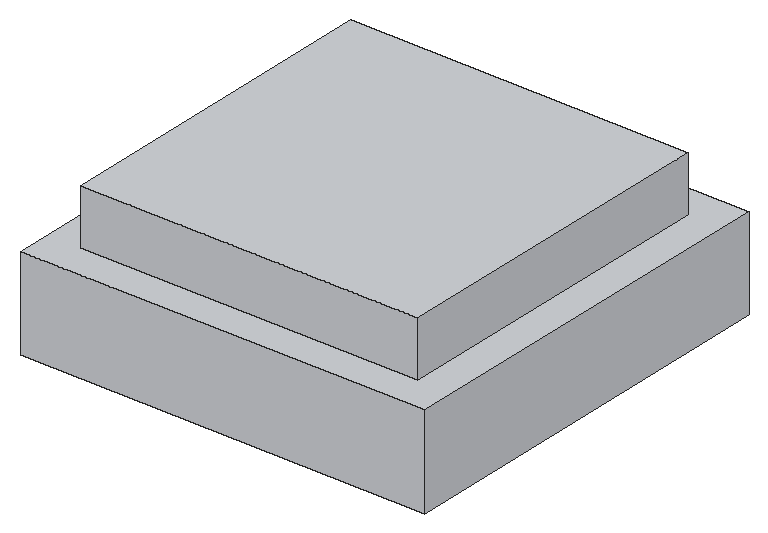
Revit family "Mark Ecofan W", category Mechanical Equipment, Revit 2017
Family settings
  Round Connector Dimension = Use Diameter
  Part Type = Normal
  OmniClass Number = 23.75.00.00
  OmniClass Title = Climate Control (HVAC)
  Work Plane-Based = No
  Always vertical = Yes
  Cut with Voids When Loaded = No
  Shared = No
  Room Calculation Point = No
Parameters (values of type "Ecofan W type W82")
  voltage = 230 V
  schijnbaar_vermogen = voltage * nominale stroom  # 391 VA
  offset [instance] = 70 mm
  o1 [instance] = if(offset < 100 mm, 100 mm, if(offset > 100 mm, offset, 100 mm))  # 100 mm
  nominale stroom = 1.7 A
  lengte = b1  # 720 mm
  hoogte = h1  # 265 mm
  h2 = 165 mm
  h1 = 265 mm
  gewicht = "23 KG"
  elektrisch_vermogen = 360 W
  debiet = 8000.0 m³/h
  breedte = b1  # 720 mm
  b2 = 600 mm
  b1 = 720 mm
  aantal_polen = 1
  URL = "http://www.mark.nl/"
  Type Comments = "Type W82"
  Model = "ECOFAN W"
  Manufacturer = "Mark"  # constant formula
  Assembly Code = ""
Reference planes
  plane 1 "Center (Front/Back)": y = 0
  plane 2: z = 0
  plane 3 "Center (Left/Right)": x = 0
  plane 4 "Top": z = -100
  plane 5 "Bottom": z = -365
  plane 6 "Left": x = -360
  plane 7 "Right": x = 360
  plane 8 "Front": y = -360
  plane 9 "H3": z = -200
  plane 10: x = -300
  plane 11: x = 300
  plane 12 "Back": y = 360
  plane 13: y = 300
  plane 14: y = -300
Forms (mm)
  Extrusion 1, solid
    sketch origin (0, 0, 0) x (1, 0, 0) y (0, 1, 0)
      loop
        line (-360, 360) -> (-360, -360) -> (360, -360) -> (360, 360) -> (-360, 360)
    from -365 to -200
  Extrusion 2, solid
    sketch origin (0, 0, 0) x (1, 0, 0) y (0, 1, 0)
      loop
        line (-300, 300) -> (-300, -300) -> (300, -300) -> (300, 300) -> (-300, 300)
    from -200 to -100
Dimensions and locks
  equal spacing: plane 6 "Left", plane 3 "Center (Left/Right)", plane 7 "Right"
  "b1": plane 6 "Left" to plane 7 "Right"
  "h2": plane 5 "Bottom" to plane 9 "H3"
  equal spacing: plane 8 "Front", plane 1 "Center (Front/Back)", plane 12 "Back"
  "b1": plane 8 "Front" to plane 12 "Back"
  equal spacing: plane 14, plane 1 "Center (Front/Back)", plane 13
  "b2": plane 14 to plane 13
  equal spacing: plane 10, plane 3 "Center (Left/Right)", plane 11
  "b2": plane 10 to plane 11
  "h1": plane 5 "Bottom" to plane 4 "Top"
  "o1": plane 4 "Top" to plane 2
  aligned and locked: level to plane 2
  aligned and locked: plane 12 "Back" to Extrusion 1 sketch curve
  aligned and locked: plane 6 "Left" to Extrusion 1 sketch curve
  aligned and locked: Extrusion 1 sketch curve to plane 8 "Front"
  aligned and locked: Extrusion 1 sketch curve to plane 7 "Right"
  aligned and locked: Extrusion 1 to plane 5 "Bottom"
  aligned and locked: plane 9 "H3" to Extrusion 1
  aligned and locked: plane 13 to Extrusion 2 sketch curve
  aligned and locked: plane 10 to Extrusion 2 sketch curve
  aligned and locked: Extrusion 2 sketch curve to plane 14
  aligned and locked: Extrusion 2 sketch curve to plane 11
  aligned and locked: Extrusion 2 to plane 9 "H3"
  aligned and locked: plane 4 "Top" to Extrusion 2
Connectors
  electrical at (0, 0, -100), driven by "voltage", driven by "aantal_polen"
    settings: on Extrusion 2, index 1, voltage 230 V, apparent load 0 VA, apparent load phase1 0 VA, apparent load phase2 0 VA, apparent load phase3 0 VA, power factor 1, load classification "Other", number of poles 1, system type 31, power factor state 1, is connector primary yes, connector utility no, sub classification motor no, connector description ""
